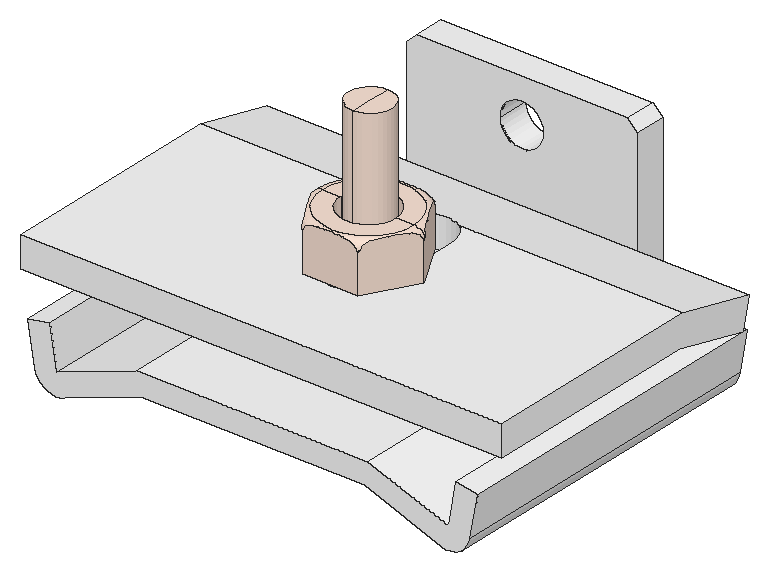
Revit family "RP-Wクリップ", category 機械設備, Revit 2020
Family settings
  丸型コネクタ寸法 = 直径を使用
  種別 = なし
  パーツ タイプ = 標準
  作業面ベース = いいえ
  常に垂直 = はい
  ロード時にボイドで切り取り = いいえ
  共有 = いいえ
  部屋計算ポイント = いいえ
Parameters
  製造元 = "株式会社桐井製作所"
  既定の高さ = 0 mm
  URL = "https://www.kirii.co.jp/"
  K_品名 = "RP-Wクリップ"
  K_名称 = "耐震クリップ"
  K_入数 = "150"
  K_バージョン情報 = "20210714"
Reference planes
  plane 1 "中心(正面/背面)": y = 0
  plane 2: z = 0
  plane 3 "中心(左/右)": x = 0
Forms (mm)
  Extrusion 1, solid
    sketch origin (-11.785, -262.268, -188.298) x (0, -1, 0) y (0, 0, -1)
      loop
        line (-251.458, -194.886) -> (-259.648, -192.936) -> (-260.389, -196.049) -> (-251.833, -198.086) -> (-228.395, -198.086) -> (-228.395, -194.886) -> (-251.458, -194.886)
    from -12.993 to 37.007
  Extrusion 2, solid
    sketch origin (-71.315, 3.2, -52.437) x (1, 0, 0) y (0, 0, 1)
      loop
        line (82.563, 70.856) -> (60.563, 70.856) -> (59.563, 69.856) -> (59.563, 52.356) -> (83.563, 52.356) -> (83.563, 69.856) -> (82.563, 70.856)
      loop
        circle (71.562, 66.356) r 2.25
    from 0 to 3.2
  Extrusion 3, void
    sketch origin (-0.244, 1.241, 0) x (1, 0, 0) y (0, 1, 0)
      loop
        line (-3.001, -17.621) -> (-3.001, -24.621) -> (3.999, -24.621) -> (3.999, -17.621) -> (-3.001, -17.621)
    from -0.733 to 3.567
  Extrusion 4, void
    sketch origin (-90.94, -136.298, 0) x (1, 0, 0) y (0, 1, 0)
      loop
        arc (94.308, 123.266) -> (91.058, 126.516) -> (87.808, 123.266) r 3.25
        line (87.808, 123.266) -> (87.808, 114.766)
        arc (87.808, 114.766) -> (91.058, 111.516) -> (94.308, 114.766) r 3.25
        line (94.308, 114.766) -> (94.308, 123.266)
    from 5.408 to 10.558
  Extrusion 5, solid
    sketch origin (-205.468, 0, -30.024) x (1, 0, 0) y (0, 0, 1)
      loop
        line (185.389, 29.183) -> (184.63, 33.484) -> (182.365, 33.085) -> (183.124, 28.784)
        arc (183.124, 28.784) -> (184.239, 27.191) -> (186.175, 27.022) r 2.3
        line (186.175, 27.022) -> (194.128, 29.917) -> (217.317, 29.917) -> (225.401, 26.974)
        arc (225.401, 26.974) -> (227.258, 27.231) -> (228.307, 28.784) r 2.3
        line (228.307, 28.784) -> (229.065, 33.085) -> (226.8, 33.484) -> (226.057, 29.183) -> (217.723, 32.217) -> (193.723, 32.217) -> (185.389, 29.183)
    from 0 to 35
Cuts and joins
  Extrusion 4 cuts Extrusion 1
  Extrusion 3 cuts Extrusion 5
  joined: Extrusion 2, Extrusion 5
Dimensions and locks
  aligned and locked: level to plane 2
Nested families
  nested 1: "ナット" at (0, -19.631, 9.788), type "ナット"
  nested 2: "根角ボルト" at (0.248, -19.746, -0.107), type "根角ボルト"
Definition of nested family "ナット"
  Parameters (values of type "ナット")
    Default Elevation = 1219.2 mm
  Reference planes
    plane 1 "中心(正面/背面)": y = 0
    plane 2: z = 0
    plane 3 "中心(左/右)": x = 0
  Forms (mm)
    Extrusion 1, solid
      sketch origin (0, 0, 0) x (1, 0, 0) y (0, 1, 0)
        loop
          line (-55, 45) -> (-55, -45.273) -> (55.986, -45.273) -> (55.986, 45) -> (-55, 45)
      from 0 to -304.8
    Revolve 2, solid
      sketch origin (0, 0, 2.36) x (1, 0, 0) y (0, 0, 1)
        loop
          arc (5.774, 1.64) -> (5.471, 2.356) -> (4.748, 2.639) r 1
          line (4.748, 2.639) -> (2.887, 2.639) -> (2.887, -2.36) -> (5.774, -2.36) -> (5.774, 1.64)
        axis (0, 2.639) -> (0, -2.36)
      angle from 0 to 360
    Extrusion 3, void
      sketch origin (0, 0, 2.36) x (0, -1, 0) y (1, 0, 0)
        loop
          line (5, 2.887) -> (5, -2.887) -> (10.229, -2.887) -> (10.229, 2.887) -> (5, 2.887)
      from -3.143 to 6
    Extrusion 4, void
      sketch origin (0, 0, 2.36) x (0.866025, -0.5, 0) y (0.5, 0.866025, 0)
        loop
          line (5, 2.887) -> (5, -2.887) -> (10.229, -2.887) -> (10.229, 2.887) -> (5, 2.887)
      from -2.36 to 6
    Extrusion 5, void
      sketch origin (0, 0, 2.36) x (-0.866025, -0.5, 0) y (0.5, -0.866025, 0)
        loop
          line (5, 2.887) -> (5, -2.887) -> (10.229, -2.887) -> (10.229, 2.887) -> (5, 2.887)
      from -3.143 to 6
    Extrusion 6, void
      sketch origin (0, 0, 2.36) x (0, -1, 0) y (1, 0, 0)
        loop
          line (-5, 2.887) -> (-10.229, 2.887) -> (-10.229, -2.887) -> (-5, -2.887) -> (-5, 2.887)
      from -3.143 to 6
    Extrusion 7, void
      sketch origin (0, 0, 2.36) x (-0.866025, -0.5, 0) y (0.5, -0.866025, 0)
        loop
          line (-5, 2.887) -> (-10.229, 2.887) -> (-10.229, -2.887) -> (-5, -2.887) -> (-5, 2.887)
      from -2.36 to 6
    Extrusion 8, void
      sketch origin (0, 0, 2.36) x (0.866025, -0.5, 0) y (0.5, 0.866025, 0)
        loop
          line (-5, 2.887) -> (-10.229, 2.887) -> (-10.229, -2.887) -> (-5, -2.887) -> (-5, 2.887)
      from -3.143 to 6
  Cuts and joins
    Extrusion 3, Extrusion 4, Extrusion 5, Extrusion 6, Extrusion 7, Extrusion 8 cuts Revolve 2
  Dimensions and locks
    aligned and locked: plane 2 to Extrusion 1
    aligned and locked: level to Extrusion 1
Definition of nested family "根角ボルト"
  Parameters (values of type "根角ボルト")
    Manufacturer = "株式会社桐井製作所"
    Default Elevation = 0 mm
    URL = "https://www.kirii.co.jp/"
    K_品名 = "根角ボルトM6×25"
    K_名称 = "ボルト"
  Reference planes
    plane 1 "中心(正面/背面)": y = 0
    plane 2: z = 0
    plane 3 "中心(左/右)": x = 0
    plane 4: x = 10
    plane 5: x = -10
  Forms (mm)
    Revolve 1, solid
      sketch origin (0, 0, 0) x (0, 1, 0) y (0, 0, 1)
        loop
          line (0, 0) -> (0, -1.652)
          arc (0, -1.652) -> (3.596, -1.234) -> (7, 0) r 15.652
          line (7, 0) -> (0, 0)
        axis (0, -1.652) -> (0, 0)
      angle from 0 to 360
    Revolve 2, solid
      sketch origin (0, 0, 0) x (0, 1, 0) y (0, 0, 1)
        loop
          line (2.25, 3) -> (2.25, 25) -> (0, 25) -> (0, 3) -> (0, 0) -> (3.15, 0) -> (3.15, 3) -> (2.25, 3)
        axis (0, 0) -> (0, 25)
      angle from 0 to 360
  Cuts and joins
    joined: Revolve 1, Revolve 2
  Dimensions and locks
    aligned and locked: level to plane 2
